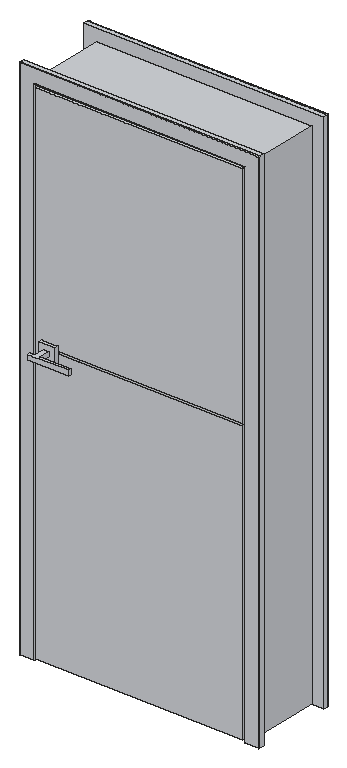
Revit family "Desire_3_bp", category Drzwi, Revit 2016
Family settings
  Obiekt nadrzędny = Ściana
  Zawsze pionowo = Tak
  Tnij formami wycięć po wczytaniu = Nie
  Współdzielony = Nie
  Punkt obliczania pomieszczeń = Nie
Parameters (values of type "80 cm x 202 cm")
  Zakres szerokości muru [instance] = if(and(Szerokość ściany > 94 mm, Szerokość ściany < 120 mm), "B", (if(and(Szerokość ściany > 119 mm, Szerokość ściany < 140 mm), "C", (if(and(Szerokość ściany > 139 mm, Szerokość ściany < 160 mm), "D", (if(and(Szerokość ściany > 159 mm, Szerokość ściany < 180 mm), "E", (if(and(Szerokość ściany > 179 mm, Szerokość ściany < 200 mm), "F", (if(and(Szerokość ściany > 199 mm, Szerokość ściany < 220 mm), "G", (if(and(Szerokość ściany > 219 mm, Szerokość ściany < 240 mm), "H", (if(and(Szerokość ściany > 239 mm, Szerokość ściany < 260 mm), "I", (if(and(Szerokość ściany > 259 mm, Szerokość ściany < 280 mm), "J", (if(and(Szerokość ściany > 279 mm, Szerokość ściany < 301 mm), "K", "BRAK")))))))))))))))))))  # "K"
  Wysokość brutto = 2060 mm
  Szerokość ściany [instance] = 300 mm
  Szerokość brutto = 880 mm
  Model = "Desire 3"  # constant formula
  Materiał_intarsje [instance] = none
  Konstrukcja analityczna = "<Brak>"
  Funkcja = Wewnętrzna
  URL = "www.porta.com.pl"
  Ss = 818 mm
  Sb = 846 mm
  Producent = "PORTA KMI POLAND"  # constant formula
  Keynote = ""
  Opis = "Własność Porta KMI Poland, wszelkie prawa zastrzeżone."  # constant formula
  Wysokość = 2016 mm
  Zakończenie ściany = Wg obiektu nadrzędnego
  Szerokość = 800 mm
  Materiał_skrzydło [instance] = none
  Materiał_ościeżnica [instance] = none
  Materiał_klamka [instance] = none
  Hs = 2017 mm
Types (4, lengths in mm): name | Wysokość brutto | Szerokość brutto | Ss | Sb | Wysokość | Szerokość | Hs
  80 cm x 202 cm | 2060 | 880 | 818 | 846 | 2016 | 800 | 2017
  90 cm x 202 cm | 2060 | 980 | 918 | 946 | 2016 | 900 | 2017
  80 cm x 220 cm | 2243 | 880 | 818 | 846 | 2200 | 800 | 2200
  90 cm x 220 cm | 2243 | 980 | 918 | 946 | 2200 | 900 | 2200
Reference planes
  plane 1: y = 0
  plane 2 "Środek (Lewa/Prawa)": x = 0
  plane 3 "Lewy": x = -440
  plane 4 "Prawy": x = 440
  plane 5: z = 2060
  plane 6 "Zewnętrzna": y = 150
  plane 7 "Wewnętrzna": y = -150
  plane 8 "skrzydło": y = -129
  plane 9: x = -409
  plane 10: x = 409
Forms (mm)
  Sweep 1, solid, material <- "Materiał_ościeżnica"
    path in 3D
      loop
        line (-440, -150, 0) -> (-440, -150, 2060) -> (440, -150, 2060) -> (440, -150, 0)
    profile origin (-440, -150, 1030) x (0, -1, 0) y (1, 0, 0)
      loop
        line (-24, 39) -> (-72, 39) -> (-72, 17) -> (0, 17) -> (0, -33) -> (16, -33)
        arc (16, -33) -> (18.121, -32.121) -> (19, -30) r 3
        line (19, -30) -> (19, 24)
        arc (19, 24) -> (18.121, 26.121) -> (16, 27) r 3
        line (16, 27) -> (-24, 27) -> (-24, 39)
  Sweep 2, solid, material <- "Materiał_ościeżnica"
    path in 3D
      loop
        line (440, 150, 0) -> (440, 150, 2060) -> (-440, 150, 2060) -> (-440, 150, 0)
    profile origin (-440, 150, 1030) x (1, 0, 0) y (0, 1, 0)
      loop
        line (-33, 0) -> (17, 0) -> (17, -228) -> (39, -228) -> (39, -1)
        arc (39, -1) -> (37.536, 2.536) -> (34, 4) r 5
        line (34, 4) -> (25, 4) -> (25, 16)
        arc (25, 16) -> (24.121, 18.121) -> (22, 19) r 3
        line (22, 19) -> (-30, 19)
        arc (-30, 19) -> (-32.121, 18.121) -> (-33, 16) r 3
        line (-33, 16) -> (-33, 0)
Cuts and joins
  joined: Sweep 1, Sweep 2
Lines and regions (mm)
  Opening 1
    outline origin (-3050, -150, 0) x (1, 0, 0) y (0, 0, 1)
      loop
        line (2610, 0) -> (3490, 0) -> (3490, 2060) -> (2610, 2060) -> (2610, 0)
  sketch lines
    curve 1: line (-440, -150, 0) -> (-440, -150, 2060)
    curve 2: line (-440, -150, 2060) -> (440, -150, 2060)
    curve 3: line (440, -150, 2060) -> (440, -150, 0)
    curve 4: line (-440, 150, 2060) -> (-440, 150, 0)
    curve 5: line (440, 150, 2060) -> (-440, 150, 2060)
    curve 6: line (440, 150, 0) -> (440, 150, 2060)
  symbolic lines, style "DoorsPanelProjection"
    curve 7: line (409, -150, 0) -> (409, -968, 0)
    curve 8: line (409, -968, 0) -> (369, -968, 0)
    curve 9: line (369, -968, 0) -> (369, -150, 0)
    curve 10: line (369, -150, 0) -> (409, -150, 0)
  symbolic lines, style "Ugięcie rzutu"
    curve 11: arc (-409, -150, 0) -> (-169.413, -728.413, 0) -> (409, -968, 0) r 818
Text (mm)
  text "Zewnętrzna" at (-2295.016, 1099.543, 0), in view "Poziom odniesienia"
  text "Zewnętrzna" at (0, 1615.38, 3698.081), in view "Lewy"
  text "Zewnętrzna" at (0, 1036.032, 3874.932), in view "Prawy"
Dimensions and locks
  equal spacing: plane 3 "Lewy", plane 2 "Środek (Lewa/Prawa)", plane 4 "Prawy"
  "Szerokość brutto": plane 3 "Lewy" to plane 4 "Prawy"
  "Wysokość brutto": plane 5 to host wall
  host wall to plane 5 = 2060 mm  (x2)
  locked: plane 6 "Zewnętrzna" to host wall at 0
  locked: plane 7 "Wewnętrzna" to host wall
  "Sb": Sweep 1 to Sweep 1
  locked: Sweep 1 sketch curve to Sweep 1 sketch curve at 22
  Sweep 1 sketch curve to Sweep 1 sketch curve = 50 mm
  locked: Sweep 1 sketch curve to profile plane at 72
  locked: Sweep 2 sketch curve to Sweep 2 sketch curve at 50
  locked: Sweep 2 sketch curve to Sweep 2 sketch curve at 22
  locked: Sweep 2 sketch curve to plane 6 "Zewnętrzna" at 1
  locked: curve 9 to curve 7 at 40
  "Ss": curve 8 to curve 10
  equal spacing: curve 11, plane 2 "Środek (Lewa/Prawa)", curve 7
  locked: plane 7 "Wewnętrzna" to plane 8 "skrzydło" at 21
  nested 1 to plane 2 "Środek (Lewa/Prawa)" to nested 1 = 409 mm, 409 mm
  locked: nested 1 to level at 8
  "Szerokość ściany": host wall to host wall
  equal spacing: plane 9, plane 2 "Środek (Lewa/Prawa)", plane 10
  "Ss": plane 9 to plane 10
  aligned and locked: plane 3 "Lewy" to Opening 1 sketch curve
  aligned and locked: plane 5 to Opening 1 sketch curve  (x2)
  aligned and locked: Opening 1 sketch curve to plane 4 "Prawy"
  aligned and locked: Opening 1 sketch curve to level
  aligned and locked: plane 1 to host wall
  aligned and locked: Sweep 1 to Sweep 2 sketch curve
  aligned and locked: plane 7 "Wewnętrzna" to curve 10
  aligned and locked: Sweep 2 sketch curve to cut or joined group of Sweep 1, Sweep 2
  aligned and locked: nested 1 to plane 8 "skrzydło"
  aligned and locked: nested 1 to plane 9
Automatic sketch dimensions
  profile plane to Sweep 1 sketch curve = 24 mm
  Sweep 1 sketch curve to profile plane = 16 mm  (x2)
  Sweep 1 sketch curve to Sweep 1 sketch curve = 3 mm
  profile plane to Sweep 1 sketch curve = 17 mm
  Sweep 1 sketch curve to Sweep 1 sketch curve = 7 mm
  Sweep 1 sketch curve to profile plane = 0 mm
  Sweep 2 sketch curve to profile plane = 0 mm
  Sweep 2 sketch curve to profile plane = 16 mm
  Sweep 2 sketch curve to Sweep 2 sketch curve = 3 mm
  Sweep 2 sketch curve to Sweep 2 sketch curve = 5 mm
  Sweep 2 sketch curve to profile plane = 4 mm
  Sweep 2 sketch curve to Sweep 2 sketch curve = 8 mm
  curve 11 to host wall = 0 mm
Nested families
  nested 1: "skrzydło" at (0, -135.5, 0), type "skrzydło"
Definition of nested family "skrzydło"
  Parameters
    Ss = 818 mm
    Materiał_skrzydło = none
    Materiał_klamka = none
    Materiał_intarsje = none
    Hs = 2017 mm
  Reference planes
    plane 1 "Tył": y = 6.5
    plane 2: z = 0
    plane 3 "Środek (Lewa/Prawa)": x = 0
    plane 4 "Przód": y = -33.5
    plane 5: z = 2025
    plane 6 "Centrum": y = -13.5
    plane 7: z = 8
    plane 8: x = -409
    plane 9: x = 409
    plane 10: x = -319
    plane 11: z = 1117
  Forms (mm)
    Extrusion 1, solid, material <- "Materiał_skrzydło"
      sketch origin (-892.016, -13.5, 1200) x (-1, 0, 0) y (0, 0, 1)
        loop
          line (-483.016, -1192) -> (-483.016, 825) -> (-1301.016, 825) -> (-1301.016, -1192) -> (-483.016, -1192)
      from 20 to -20
    Sweep 2, void
      path origin (-892.016, -13.5, 1200) x (-1, 0, 0) y (0, 0, 1)
        loop
          line (-573.016, -83) -> (-1301.016, -83)
      profile origin (45, -13.5, 1117) x (0, 0, -1) y (0, 1, 0)
        loop
          line (0, -20) -> (0, -19) -> (-6, -19) -> (-6, -20) -> (0, -20)
        loop
          line (0, 20) -> (-6, 20) -> (-6, 19) -> (0, 19) -> (0, 20)
    Sweep 3, solid, material <- "Materiał_intarsje"
      path origin (-892.016, -13.5, 1200) x (-1, 0, 0) y (0, 0, 1)
        loop
          line (-573.016, -83) -> (-1301.016, -83)
      profile origin (45, -13.5, 1117) x (0, 0, -1) y (0, 1, 0)
        loop
          line (0, -20) -> (0, -19) -> (-6, -19) -> (-6, -20) -> (0, -20)
        loop
          line (0, 20) -> (-6, 20) -> (-6, 19) -> (0, 19) -> (0, 20)
  Cuts and joins
    Sweep 2 cuts Extrusion 1
  Dimensions and locks
    locked: plane 7 to level at 8
    "Hs": plane 5 to plane 7
    plane 7 to nested 2 = 1074 mm
    equal spacing: plane 4 "Przód", plane 6 "Centrum", plane 1 "Tył"
    "Ss": plane 8 to plane 9
    locked: plane 8 to nested 1 at 55
    locked: plane 8 to nested 2 at 55
    locked: nested 1 to plane 7 at 1104
    locked: plane 8 to plane 10 at 90
    locked: plane 11 to plane 7 at 1109
    aligned and locked: nested 1 to plane 4 "Przód"
    aligned and locked: nested 2 to nested 1  (x2)
    aligned and locked: plane 8 to Extrusion 1 sketch curve
    aligned and locked: Extrusion 1 sketch curve to plane 9
    aligned and locked: Extrusion 1 to plane 4 "Przód"
    aligned and locked: Extrusion 1 to plane 1 "Tył"
    aligned and locked: Sweep 2 sketch curve to plane 11
    aligned and locked: plane 10 to Sweep 2 sketch curve
    aligned and locked: plane 9 to Sweep 2 sketch curve
    aligned and locked: Sweep 3 sketch curve to plane 11
    aligned and locked: plane 9 to Sweep 3 sketch curve
    aligned and locked: plane 10 to Sweep 3 sketch curve
  Automatic sketch dimensions
    Extrusion 1 sketch curve to plane 7 = 0 mm
    Extrusion 1 sketch curve to plane 5 = 0 mm
    Sweep 2 sketch curve to profile plane = 0 mm  (x2)
    Sweep 2 sketch curve to plane 6 "Centrum" = 20 mm
    profile plane to Sweep 2 sketch curve = 6 mm  (x2)
    Sweep 2 sketch curve to Sweep 2 sketch curve = 1 mm  (x2)
    plane 6 "Centrum" to Sweep 2 sketch curve = 19 mm
    Sweep 3 sketch curve to profile plane = 0 mm  (x2)
    Sweep 3 sketch curve to plane 6 "Centrum" = 20 mm
    profile plane to Sweep 3 sketch curve = 6 mm  (x2)
    Sweep 3 sketch curve to Sweep 3 sketch curve = 1 mm  (x2)
    plane 6 "Centrum" to Sweep 3 sketch curve = 19 mm
  Nested families
    nested 1: "KLAMKA" at (-344, -33.5, 1112), Materiał klamki <- "Materiał_klamka", type "KLAMKA"
      with Materiał klamki none
    nested 2: "KLAMKA" at (-344, 6.5, 1112), Materiał klamki <- "Materiał_klamka", type "KLAMKA"
      with Materiał klamki none
  Definition of nested family "KLAMKA"
    Parameters
      Materiał klamki [instance] = none
      Assembly Code = ""
      Default Elevation = 1219.2 mm
    Reference planes
      plane 1 "Center (Front/Back)": y = 0
      plane 2: z = 0
      plane 3 "Center (Left/Right)": x = -10
      plane 4: z = 30
      plane 5: z = -30
      plane 6: x = 20
      plane 7: x = -40
      plane 8: y = -70
      plane 9: y = -60
      plane 10: x = 0
      plane 11: x = -20
      plane 12: z = -10
      plane 13: z = 10
      plane 14: y = -15
    Forms (mm)
      Extrusion 1, solid, material <- "Materiał klamki"
        sketch origin (0, 0, 0) x (1, 0, 0) y (0, 0, 1)
          loop
            line (-40, 30) -> (-40, -30) -> (20, -30) -> (20, 30) -> (-40, 30)
        from 0 to 15
      Extrusion 2, solid, material <- "Materiał klamki"
        sketch origin (0, 0, 0) x (1, 0, 0) y (0, 1, 0)
          loop
            line (-20, -15) -> (-20, -60) -> (-40, -60) -> (-40, -70) -> (120, -70) -> (120, -60) -> (0, -60) -> (0, -15) -> (-20, -15)
        from -10 to 10
    Dimensions and locks
      plane 8 to plane 1 "Center (Front/Back)" = 70 mm
      plane 11 to plane 3 "Center (Left/Right)" to plane 10 = 10 mm locked, 10 mm locked
      plane 14 to plane 1 "Center (Front/Back)" = 15 mm
      equal spacing: plane 13, level, plane 12
      locked: level to plane 12 at 10
      equal spacing: plane 4, level, plane 5
      level to plane 5 = 30 mm
      equal spacing: plane 7, plane 3 "Center (Left/Right)", plane 6
      locked: plane 3 "Center (Left/Right)" to plane 7 at 30
      aligned and locked: plane 14 to Extrusion 1
      aligned and locked: Extrusion 1 to plane 1 "Center (Front/Back)"
      aligned and locked: plane 13 to Extrusion 2
      aligned and locked: Extrusion 2 to plane 12
    Automatic sketch dimensions
      Extrusion 1 sketch curve to plane 5 = 0 mm
      plane 7 to Extrusion 1 sketch curve = 0 mm
      Extrusion 1 sketch curve to plane 6 = 0 mm
      Extrusion 1 sketch curve to plane 4 = 0 mm
      Extrusion 2 sketch curve to plane 7 = 0 mm
      Extrusion 2 sketch curve to plane 9 = 0 mm  (x2)
      Extrusion 2 sketch curve to plane 11 = 0 mm
      Extrusion 2 sketch curve to plane 10 = 0 mm
      Extrusion 2 sketch curve to plane 8 = 0 mm
      plane 14 to Extrusion 2 sketch curve = 0 mm
      plane 6 to Extrusion 2 sketch curve = 100 mm
